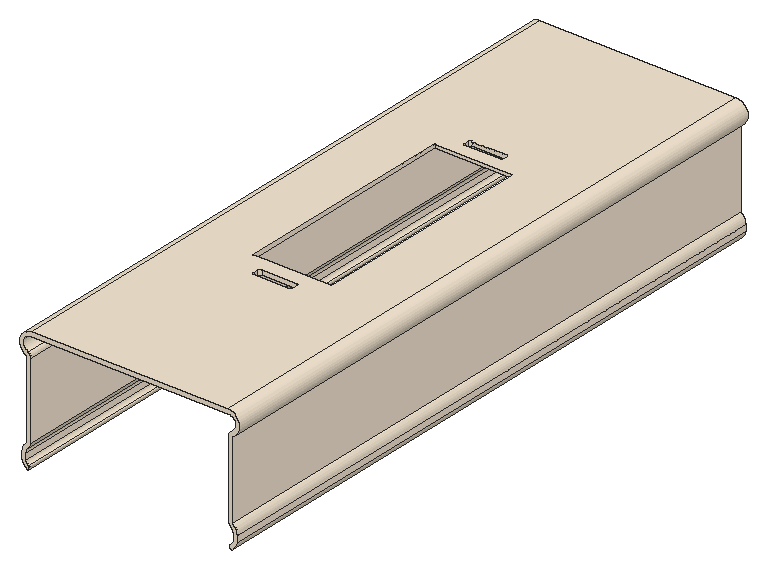
Revit family "Specialty_Equipment-Metal_Raceway-Hubbell_Wiring-Wall_Box_Connector-HBL3014C", category Specialty Equipment, host Face, Revit 2015
Parameters
  URL = "http://www.hubbell-wiring.com/"
  Product data url = "https://bimobject.com/hubbellwiring/product/hubbell-metal-raceway-hbl3000"
  Product Page URL = "http://ecatalog.hubbell-wiring.com/ProductInformation/ViewCatalog.aspx?Dest=hubbell-wiring.com/press/catalog/r.pdf"
  Product Documentation Link = "http://www.hubbell-wiring.com/press/pdfs/h5233r08.pdf"
  Model = "HBL3014CIV"
  Manufacturer = "Hubbell Wiring Device Kellems"  # constant formula
  Host Note = "Add in Section View; Host to Wall"  # constant formula
  Description = "Wall Box Connector"  # constant formula
  Default Elevation = 48.00"
  Cable Tray Material = Metal-Hubbell-Ivory
  B = 8.00"
  Assembly Code = "D5090900"
  A = 3.28"
Types (3): name | Model | Cable Tray Material
  (no name) | "HBL3014CIV" | Metal-Hubbell-Ivory
  HBL3014CIV | "HBL3014CIV" | Metal-Hubbell-Ivory
  HBL3014CGY | "HBL3014CGY" | Metal-Hubbell-Gray
Reference planes (in)
  plane 1 "Center (Front/Back)": y = 0
  plane 2: z = 0
  plane 3 "Center (Left/Right)": x = 0
  plane 4: y = 4
  plane 5: z = 1.47
  plane 6: x = -1.335
  plane 7: x = 1.335
  plane 8: y = -4
  plane 9: y = 1.64
  plane 10: y = -1.64
Forms (in)
  Extrusion 1, solid, material "Metal-Hubbell-Ivory" <- "Cable Tray Material"
    sketch origin (0, 0, 0) x (1, 0, 0) y (0, 0, 1)
      loop
        line (-1.24544, 0.25764) -> (-1.24544, 1.21991)
        arc (-1.24544, 1.21991) -> (-1.25543, 1.25594) -> (-1.28253, 1.28171) r 0.07004
        arc (-1.28253, 1.28171) -> (-1.3325, 1.39423) -> (-1.23546, 1.47) r 0.10003
        line (-1.23546, 1.47) -> (1.23547, 1.47)
        arc (1.23547, 1.47) -> (1.33252, 1.39423) -> (1.28254, 1.2817) r 0.10004
        arc (1.28254, 1.2817) -> (1.25545, 1.25594) -> (1.24547, 1.21991) r 0.07003
        line (1.24547, 1.21991) -> (1.24547, 0.25752)
        arc (1.24547, 0.25752) -> (1.25678, 0.22849) -> (1.27576, 0.20378) r 0.11013
        arc (1.27576, 0.20378) -> (1.29772, 0.17121) -> (1.30543, 0.13269) r 0.10001
        line (1.30543, 0.13269) -> (1.30543, 0.05321)
        arc (1.30543, 0.05321) -> (1.29684, 0.02218) -> (1.27351, 0) r 0.06031
        arc (1.27351, 0) -> (1.26322, -0.03382) -> (1.29705, -0.04411) r 0.025
        arc (1.29705, -0.04411) -> (1.33972, -0.00354) -> (1.35543, 0.05321) r 0.11031
        line (1.35543, 0.05321) -> (1.35543, 0.13269)
        arc (1.35543, 0.13269) -> (1.33961, 0.19975) -> (1.29547, 0.25267) r 0.15001
        line (1.29547, 0.25267) -> (1.29547, 1.23245)
        arc (1.29547, 1.23245) -> (1.38234, 1.40061) -> (1.23547, 1.52) r 0.15004
        line (1.23547, 1.52) -> (-1.23546, 1.52)
        arc (-1.23546, 1.52) -> (-1.38233, 1.40061) -> (-1.29544, 1.23246) r 0.15003
        line (-1.29544, 1.23246) -> (-1.29544, 0.25269)
        arc (-1.29544, 0.25269) -> (-1.3396, 0.19977) -> (-1.35543, 0.13269) r 0.15001
        line (-1.35543, 0.13269) -> (-1.35543, 0.05321)
        arc (-1.35543, 0.05321) -> (-1.33972, -0.00354) -> (-1.29705, -0.04411) r 0.11031
        arc (-1.29705, -0.04411) -> (-1.26322, -0.03382) -> (-1.27351, 0) r 0.025
        arc (-1.27351, 0) -> (-1.29684, 0.02218) -> (-1.30543, 0.05321) r 0.06031
        line (-1.30543, 0.05321) -> (-1.30543, 0.13269)
        arc (-1.30543, 0.13269) -> (-1.29772, 0.17121) -> (-1.27576, 0.20378) r 0.10001
        arc (-1.27576, 0.20378) -> (-1.25675, 0.22854) -> (-1.24544, 0.25764) r 0.11013
    from 4 to -4
  Extrusion 2, void, detail levels medium+fine
    sketch origin (0, 0, 0) x (1, 0, 0) y (0, 1, 0)
      loop
        line (-0.24519, -1.73947) -> (0.19481, -1.73947)
        arc (0.19481, -1.73947) -> (0.21602, -1.73069) -> (0.22481, -1.70947) r 0.03
        line (0.22481, -1.70947) -> (0.22481, -1.64947)
        arc (0.22481, -1.64947) -> (0.21602, -1.62826) -> (0.19481, -1.61947) r 0.03
        line (0.19481, -1.61947) -> (-0.24519, -1.61947)
        arc (-0.24519, -1.61947) -> (-0.2664, -1.62826) -> (-0.27519, -1.64947) r 0.03
        line (-0.27519, -1.64947) -> (-0.27519, -1.70947)
        arc (-0.27519, -1.70947) -> (-0.2664, -1.73069) -> (-0.24519, -1.73947) r 0.03
      loop
        line (0.49408, -1.43609) -> (0.49408, 1.43609) -> (-0.50592, 1.43609) -> (-0.50592, -1.43609) -> (0.49408, -1.43609)
      loop
        arc (0.19481, 1.58567) -> (0.21602, 1.59446) -> (0.22481, 1.61567) r 0.03
        line (0.22481, 1.61567) -> (0.22481, 1.66433)
        arc (0.22481, 1.66433) -> (0.21602, 1.68554) -> (0.19481, 1.69433) r 0.03
        line (0.19481, 1.69433) -> (-0.24519, 1.69433)
        arc (-0.24519, 1.69433) -> (-0.2664, 1.68554) -> (-0.27519, 1.66433) r 0.03
        line (-0.27519, 1.66433) -> (-0.27519, 1.61567)
        arc (-0.27519, 1.61567) -> (-0.2664, 1.59446) -> (-0.24519, 1.58567) r 0.03
        line (-0.24519, 1.58567) -> (0.19481, 1.58567)
    from 1.47 to 1.52
Cuts and joins
  Extrusion 2 cuts Extrusion 1
Lines and regions (in)
  symbolic lines, style "Symbolic lines"
    curve 1: line (-1.335, -4, 0) -> (1.335, -4, 0)
    curve 2: line (-1.335, 4, 0) -> (-1.335, -4, 0)
    curve 3: line (1.335, -4, 0) -> (1.335, 4, 0)
    curve 8: line (-1.335, 4, 0) -> (1.335, 4, 0)
    curve 77: line (-1.24544, 0, 0.25764) -> (-1.24544, 0, 1.21991)
    curve 78: arc (-1.24544, 0, 1.21991) -> (-1.25543, 0, 1.25594) -> (-1.28253, 0, 1.28171) r 0.07004
    curve 79: arc (-1.28253, 0, 1.28171) -> (-1.3325, 0, 1.39423) -> (-1.23546, 0, 1.47) r 0.10003
    curve 80: line (-1.23546, 0, 1.47) -> (1.23547, 0, 1.47)
    curve 81: arc (1.23547, 0, 1.47) -> (1.33252, 0, 1.39423) -> (1.28254, 0, 1.2817) r 0.10004
    curve 82: arc (1.28254, 0, 1.2817) -> (1.25545, 0, 1.25594) -> (1.24547, 0, 1.21991) r 0.07003
    curve 83: line (1.24547, 0, 1.21991) -> (1.24547, 0, 0.25752)
    curve 84: arc (1.24547, 0, 0.25752) -> (1.25678, 0, 0.22849) -> (1.27576, 0, 0.20378) r 0.11013
    curve 85: arc (1.27576, 0, 0.20378) -> (1.29772, 0, 0.17121) -> (1.30543, 0, 0.13269) r 0.10001
    curve 86: line (1.30543, 0, 0.13269) -> (1.30543, 0, 0.05321)
    curve 87: arc (1.30543, 0, 0.05321) -> (1.29684, 0, 0.02218) -> (1.27351, 0, 0) r 0.06031
    curve 88: arc (1.27351, 0, 0) -> (1.26322, 0, -0.03382) -> (1.29705, 0, -0.04411) r 0.025
    curve 89: arc (1.29705, 0, -0.04411) -> (1.33972, 0, -0.00354) -> (1.35543, 0, 0.05321) r 0.11031
    curve 90: line (1.35543, 0, 0.05321) -> (1.35543, 0, 0.13269)
    curve 91: arc (1.35543, 0, 0.13269) -> (1.33961, 0, 0.19975) -> (1.29547, 0, 0.25267) r 0.15001
    curve 92: line (1.29547, 0, 0.25267) -> (1.29547, 0, 1.23245)
    curve 93: arc (1.29547, 0, 1.23245) -> (1.38234, 0, 1.40061) -> (1.23547, 0, 1.52) r 0.15004
    curve 94: line (1.23547, 0, 1.52) -> (-1.23546, 0, 1.52)
    curve 95: arc (-1.23546, 0, 1.52) -> (-1.38233, 0, 1.40061) -> (-1.29544, 0, 1.23246) r 0.15003
    curve 96: line (-1.29544, 0, 1.23246) -> (-1.29544, 0, 0.25269)
    curve 97: arc (-1.29544, 0, 0.25269) -> (-1.3396, 0, 0.19977) -> (-1.35543, 0, 0.13269) r 0.15001
    curve 98: line (-1.35543, 0, 0.13269) -> (-1.35543, 0, 0.05321)
    curve 99: arc (-1.35543, 0, 0.05321) -> (-1.33972, 0, -0.00354) -> (-1.29705, 0, -0.04411) r 0.11031
    curve 100: arc (-1.29705, 0, -0.04411) -> (-1.26322, 0, -0.03382) -> (-1.27351, 0, 0) r 0.025
    curve 101: arc (-1.27351, 0, 0) -> (-1.29684, 0, 0.02218) -> (-1.30543, 0, 0.05321) r 0.06031
    curve 102: line (-1.30543, 0, 0.05321) -> (-1.30543, 0, 0.13269)
    curve 103: arc (-1.30543, 0, 0.13269) -> (-1.29772, 0, 0.17121) -> (-1.27576, 0, 0.20378) r 0.10001
    curve 104: arc (-1.27576, 0, 0.20378) -> (-1.25675, 0, 0.22854) -> (-1.24544, 0, 0.25764) r 0.11013
  symbolic lines
    curve 4: line (0, -4, 1.47) -> (0, 4, 1.47)
    curve 5: line (0, -4, 0) -> (0, -4, 1.47)
    curve 6: line (0, 4, 0) -> (0, -4, 0)
    curve 7: line (0, 4, 1.47) -> (0, 4, 0)
  reference lines
    curve 9: line (-0.50592, 1.43609, 0) -> (0.49408, 1.43609, 0)
    curve 10: line (-0.50592, -1.43609, 0) -> (-0.50592, 1.43609, 0)
    curve 11: line (0.49408, -1.43609, 0) -> (-0.50592, -1.43609, 0)
    curve 12: line (0.49408, 1.43609, 0) -> (0.49408, -1.43609, 0)
    curve 13: line (-0.24519, 1.69433, 0) -> (0.19481, 1.69433, 0)
    curve 14: line (-0.27519, 1.61567, 0) -> (-0.27519, 1.66433, 0)
    curve 15: line (0.19481, 1.58567, 0) -> (-0.24519, 1.58567, 0)
    curve 16: line (0.22481, 1.66433, 0) -> (0.22481, 1.61567, 0)
    curve 17: arc (-0.27519, 1.66433, 0) -> (-0.2664, 1.68554, 0) -> (-0.24519, 1.69433, 0) r 0.03
    curve 18: arc (-0.24519, 1.58567, 0) -> (-0.2664, 1.59446, 0) -> (-0.27519, 1.61567, 0) r 0.03
    curve 19: arc (0.22481, 1.61567, 0) -> (0.21602, 1.59446, 0) -> (0.19481, 1.58567, 0) r 0.03
    curve 20: arc (0.19481, 1.69433, 0) -> (0.21602, 1.68554, 0) -> (0.22481, 1.66433, 0) r 0.03
    curve 21: line (-0.24519, -1.69433, 0) -> (0.19481, -1.69433, 0)
    curve 22: line (-0.27519, -1.61567, 0) -> (-0.27519, -1.66433, 0)
    curve 23: line (0.19481, -1.58567, 0) -> (-0.24519, -1.58567, 0)
    curve 24: line (0.22481, -1.66433, 0) -> (0.22481, -1.61567, 0)
    curve 25: arc (-0.27519, -1.66433, 0) -> (-0.2664, -1.68554, 0) -> (-0.24519, -1.69433, 0) r 0.03
    curve 26: arc (-0.24519, -1.58567, 0) -> (-0.2664, -1.59446, 0) -> (-0.27519, -1.61567, 0) r 0.03
    curve 27: arc (0.22481, -1.61567, 0) -> (0.21602, -1.59446, 0) -> (0.19481, -1.58567, 0) r 0.03
    curve 28: arc (0.19481, -1.69433, 0) -> (0.21602, -1.68554, 0) -> (0.22481, -1.66433, 0) r 0.03
    curve 49: line (-1.24544, 0, 0.25764) -> (-1.24544, 0, 1.21991)
    curve 50: arc (-1.24544, 0, 1.21991) -> (-1.25543, 0, 1.25594) -> (-1.28253, 0, 1.28171) r 0.07004
    curve 51: arc (-1.28253, 0, 1.28171) -> (-1.3325, 0, 1.39423) -> (-1.23546, 0, 1.47) r 0.10003
    curve 52: line (-1.23546, 0, 1.47) -> (1.23547, 0, 1.47)
    curve 53: arc (1.23547, 0, 1.47) -> (1.33252, 0, 1.39423) -> (1.28254, 0, 1.2817) r 0.10004
    curve 54: arc (1.28254, 0, 1.2817) -> (1.25545, 0, 1.25594) -> (1.24547, 0, 1.21991) r 0.07003
    curve 55: line (1.24547, 0, 1.21991) -> (1.24547, 0, 0.25752)
    curve 56: arc (1.24547, 0, 0.25752) -> (1.25678, 0, 0.22849) -> (1.27576, 0, 0.20378) r 0.11013
    curve 57: arc (1.27576, 0, 0.20378) -> (1.29772, 0, 0.17121) -> (1.30543, 0, 0.13269) r 0.10001
    curve 58: line (1.30543, 0, 0.13269) -> (1.30543, 0, 0.05321)
    curve 59: arc (1.30543, 0, 0.05321) -> (1.29684, 0, 0.02218) -> (1.27351, 0, 0) r 0.06031
    curve 60: arc (1.27351, 0, 0) -> (1.26322, 0, -0.03382) -> (1.29705, 0, -0.04411) r 0.025
    curve 61: arc (1.29705, 0, -0.04411) -> (1.33972, 0, -0.00354) -> (1.35543, 0, 0.05321) r 0.11031
    curve 62: line (1.35543, 0, 0.05321) -> (1.35543, 0, 0.13269)
    curve 63: arc (1.35543, 0, 0.13269) -> (1.33961, 0, 0.19975) -> (1.29547, 0, 0.25267) r 0.15001
    curve 64: line (1.29547, 0, 0.25267) -> (1.29547, 0, 1.23245)
    curve 65: arc (1.29547, 0, 1.23245) -> (1.38234, 0, 1.40061) -> (1.23547, 0, 1.52) r 0.15004
    curve 66: line (1.23547, 0, 1.52) -> (-1.23546, 0, 1.52)
    curve 67: arc (-1.23546, 0, 1.52) -> (-1.38233, 0, 1.40061) -> (-1.29544, 0, 1.23246) r 0.15003
    curve 68: line (-1.29544, 0, 1.23246) -> (-1.29544, 0, 0.25269)
    curve 69: arc (-1.29544, 0, 0.25269) -> (-1.3396, 0, 0.19977) -> (-1.35543, 0, 0.13269) r 0.15001
    curve 70: line (-1.35543, 0, 0.13269) -> (-1.35543, 0, 0.05321)
    curve 71: arc (-1.35543, 0, 0.05321) -> (-1.33972, 0, -0.00354) -> (-1.29705, 0, -0.04411) r 0.11031
    curve 72: arc (-1.29705, 0, -0.04411) -> (-1.26322, 0, -0.03382) -> (-1.27351, 0, 0) r 0.025
    curve 73: arc (-1.27351, 0, 0) -> (-1.29684, 0, 0.02218) -> (-1.30543, 0, 0.05321) r 0.06031
    curve 74: line (-1.30543, 0, 0.05321) -> (-1.30543, 0, 0.13269)
    curve 75: arc (-1.30543, 0, 0.13269) -> (-1.29772, 0, 0.17121) -> (-1.27576, 0, 0.20378) r 0.10001
    curve 76: arc (-1.27576, 0, 0.20378) -> (-1.25675, 0, 0.22854) -> (-1.24544, 0, 0.25764) r 0.11013
  symbolic lines, style "Symbolic lines", detail levels medium+fine
    curve 29: line (-0.27519, -1.61567, 0) -> (-0.27519, -1.66433, 0)
    curve 30: arc (-0.24519, -1.58567, 0) -> (-0.2664, -1.59446, 0) -> (-0.27519, -1.61567, 0) r 0.03
    curve 31: line (0.19481, -1.58567, 0) -> (-0.24519, -1.58567, 0)
    curve 32: arc (0.22481, -1.61567, 0) -> (0.21602, -1.59446, 0) -> (0.19481, -1.58567, 0) r 0.03
    curve 33: arc (0.19481, -1.69433, 0) -> (0.21602, -1.68554, 0) -> (0.22481, -1.66433, 0) r 0.03
    curve 34: line (0.22481, -1.66433, 0) -> (0.22481, -1.61567, 0)
    curve 35: line (-0.24519, -1.69433, 0) -> (0.19481, -1.69433, 0)
    curve 36: arc (-0.27519, -1.66433, 0) -> (-0.2664, -1.68554, 0) -> (-0.24519, -1.69433, 0) r 0.03
    curve 37: line (0.49408, -1.43609, 0) -> (-0.50592, -1.43609, 0)
    curve 38: line (-0.50592, -1.43609, 0) -> (-0.50592, 1.43609, 0)
    curve 39: line (-0.50592, 1.43609, 0) -> (0.49408, 1.43609, 0)
    curve 40: line (0.49408, 1.43609, 0) -> (0.49408, -1.43609, 0)
    curve 41: line (-0.27519, 1.61567, 0) -> (-0.27519, 1.66433, 0)
    curve 42: arc (-0.27519, 1.66433, 0) -> (-0.2664, 1.68554, 0) -> (-0.24519, 1.69433, 0) r 0.03
    curve 43: line (-0.24519, 1.69433, 0) -> (0.19481, 1.69433, 0)
    curve 44: line (0.19481, 1.58567, 0) -> (-0.24519, 1.58567, 0)
    curve 45: arc (-0.24519, 1.58567, 0) -> (-0.2664, 1.59446, 0) -> (-0.27519, 1.61567, 0) r 0.03
    curve 46: line (0.22481, 1.66433, 0) -> (0.22481, 1.61567, 0)
    curve 47: arc (0.19481, 1.69433, 0) -> (0.21602, 1.68554, 0) -> (0.22481, 1.66433, 0) r 0.03
    curve 48: arc (0.22481, 1.61567, 0) -> (0.21602, 1.59446, 0) -> (0.19481, 1.58567, 0) r 0.03
Dimensions and locks (in)
  plane 5 to host face = 1.47"
  equal spacing: plane 6, plane 3 "Center (Left/Right)", plane 7
  locked: plane 6 to plane 7 at 2.67
  locked: plane 5 to plane 2 at 1.47
  equal spacing: plane 4, plane 1 "Center (Front/Back)", plane 8
  "B": plane 4 to plane 8
  equal spacing: curve 11, plane 1 "Center (Front/Back)", curve 9
  equal spacing: plane 9, plane 1 "Center (Front/Back)", plane 10
  "A": plane 9 to plane 10
  equal spacing: curve 15, plane 9, curve 13
  locked: curve 15 to curve 13 at 0.10866
  curve 23 to curve 21 = 0.10866"  (x2)
  locked: curve 23 to curve 21 at 0.10866
  equal spacing: curve 23, plane 10, curve 21
  aligned and locked: plane 2 to host face
  aligned and locked: level to host face
  aligned and locked: plane 4 to Extrusion 1
  aligned and locked: curve 8 to plane 4
  aligned and locked: Extrusion 1 to plane 8
  aligned and locked: plane 8 to curve 5
  aligned and locked: curve 1 to plane 8
  aligned and locked: Extrusion 2 sketch curve to curve 11
  aligned and locked: Extrusion 2 sketch curve to curve 10
  aligned and locked: Extrusion 2 sketch curve to curve 9
  aligned and locked: Extrusion 2 sketch curve to curve 12
  aligned and locked: Extrusion 2 sketch curve to curve 18
  aligned and locked: Extrusion 2 sketch curve to curve 17
  aligned and locked: Extrusion 2 sketch curve to curve 16
  aligned and locked: curve 30 to curve 26
  aligned and locked: curve 32 to curve 27
  aligned and locked: curve 33 to curve 28
  aligned and locked: curve 36 to curve 25
  aligned and locked: curve 37 to curve 11
  aligned and locked: curve 38 to curve 10
  aligned and locked: curve 39 to curve 9
  aligned and locked: curve 40 to curve 12
  aligned and locked: curve 42 to curve 17
  aligned and locked: curve 45 to curve 18
  aligned and locked: curve 47 to curve 20
  aligned and locked: curve 48 to curve 19
  aligned and locked: curve 4 to plane 5
  aligned and locked: plane 2 to curve 6
  aligned and locked: curve 7 to plane 4
  aligned and locked: Extrusion 1 sketch curve to curve 49
  aligned and locked: Extrusion 1 sketch curve to curve 50
  aligned and locked: Extrusion 1 sketch curve to curve 51
  aligned and locked: Extrusion 1 sketch curve to curve 53
  aligned and locked: Extrusion 1 sketch curve to curve 54
  aligned and locked: Extrusion 1 sketch curve to curve 56
  aligned and locked: Extrusion 1 sketch curve to curve 57
  aligned and locked: Extrusion 1 sketch curve to curve 59
  aligned and locked: Extrusion 1 sketch curve to curve 60
  aligned and locked: Extrusion 1 sketch curve to curve 61
  aligned and locked: Extrusion 1 sketch curve to curve 63
  aligned and locked: Extrusion 1 sketch curve to curve 64
  aligned and locked: Extrusion 1 sketch curve to curve 65
  aligned and locked: Extrusion 1 sketch curve to curve 67
  aligned and locked: Extrusion 1 sketch curve to curve 68
  aligned and locked: Extrusion 1 sketch curve to curve 69
  aligned and locked: Extrusion 1 sketch curve to curve 71
  aligned and locked: Extrusion 1 sketch curve to curve 72
  aligned and locked: Extrusion 1 sketch curve to curve 73
  aligned and locked: Extrusion 1 sketch curve to curve 75
  aligned and locked: Extrusion 1 sketch curve to curve 76
  aligned and locked: Extrusion 2 to plane 5
  aligned and locked: Extrusion 1 to Extrusion 2
  aligned and locked: curve 77 to cut or joined group of Extrusion 1, Extrusion 2
  aligned and locked: curve 78 to cut or joined group of Extrusion 1, Extrusion 2
  aligned and locked: curve 79 to cut or joined group of Extrusion 1, Extrusion 2
  aligned and locked: curve 81 to cut or joined group of Extrusion 1, Extrusion 2
  aligned and locked: curve 82 to cut or joined group of Extrusion 1, Extrusion 2
  aligned and locked: curve 84 to cut or joined group of Extrusion 1, Extrusion 2
  aligned and locked: curve 85 to cut or joined group of Extrusion 1, Extrusion 2
  aligned and locked: curve 87 to cut or joined group of Extrusion 1, Extrusion 2
  aligned and locked: curve 88 to cut or joined group of Extrusion 1, Extrusion 2
  aligned and locked: curve 89 to cut or joined group of Extrusion 1, Extrusion 2
  aligned and locked: curve 91 to cut or joined group of Extrusion 1, Extrusion 2
  aligned and locked: curve 92 to cut or joined group of Extrusion 1, Extrusion 2
  aligned and locked: curve 93 to cut or joined group of Extrusion 1, Extrusion 2
  aligned and locked: curve 95 to cut or joined group of Extrusion 1, Extrusion 2
  aligned and locked: curve 96 to cut or joined group of Extrusion 1, Extrusion 2
  aligned and locked: curve 97 to cut or joined group of Extrusion 1, Extrusion 2
  aligned and locked: curve 99 to cut or joined group of Extrusion 1, Extrusion 2
  aligned and locked: curve 100 to cut or joined group of Extrusion 1, Extrusion 2
  aligned and locked: curve 101 to cut or joined group of Extrusion 1, Extrusion 2
  aligned and locked: curve 103 to cut or joined group of Extrusion 1, Extrusion 2
  aligned and locked: curve 104 to cut or joined group of Extrusion 1, Extrusion 2
  aligned and locked: plane 7 to curve 3
  aligned and locked: plane 6 to curve 2
Automatic sketch dimensions
  host sketch curve to host sketch curve = 96.00"  (x2)
  curve 11 to plane 10 = 0.20391"
  curve 11 to plane 3 "Center (Left/Right)" = 0.50592"
  plane 9 to curve 17 = 0.02433"
  curve 17 to plane 3 "Center (Left/Right)" = 0.27519"
  plane 10 to curve 25 = 0.02433"
  curve 25 to plane 3 "Center (Left/Right)" = 0.27519"
  curve 14 to curve 15 = 0.03"
  curve 22 to curve 26 = 0.03"
  plane 3 "Center (Left/Right)" to curve 19 = 0.19481"
  plane 9 to curve 20 = 0.02433"
  curve 20 to curve 19 = 0.00"
  plane 3 "Center (Left/Right)" to curve 21 = 0.19481"
  curve 27 to plane 10 = 0.02433"
  curve 27 to curve 28 = 0.00"
  curve 24 to curve 11 = 0.26927"
  plane 10 to Extrusion 2 sketch curve = 0.00947"
  Extrusion 2 sketch curve to plane 3 "Center (Left/Right)" = 0.27519"
  Extrusion 2 sketch curve to plane 10 = 0.02053"
  Extrusion 2 sketch curve to Extrusion 2 sketch curve = 0.03"  (x3)
  plane 3 "Center (Left/Right)" to Extrusion 2 sketch curve = 0.19481"
  Extrusion 2 sketch curve to plane 9 = 0.02433"
  Extrusion 2 sketch curve to Extrusion 2 sketch curve = 0.00"
  Extrusion 2 sketch curve to Extrusion 2 sketch curve = 0.06"
  curve 51 to curve 67 = 0.00"  (x2)
  curve 53 to curve 65 = 0.00"  (x2)
  curve 57 to curve 63 = 0.00"  (x2)
  curve 59 to curve 61 = 0.00"  (x2)
  curve 69 to curve 75 = 0.00"  (x2)
  curve 71 to curve 73 = 0.00"  (x2)
  curve 52 to plane 5 = 0.00"
  plane 6 to curve 69 = 0.02043"
  plane 6 to curve 76 = 0.01771"
  curve 50 to plane 6 = 0.01952"
  curve 74 to plane 6 = 0.02957"
  curve 71 to plane 6 = 0.03795"
  curve 72 to curve 71 = 0.00"
  curve 50 to curve 68 = 0.02004"
  curve 72 to level = 0.02206"
  curve 71 to curve 72 = 0.01177"
  curve 67 to curve 51 = 0.01292"
  curve 50 to curve 51 = 0.00"
  curve 68 to curve 76 = 0.01968"
  curve 73 to curve 72 = 0.00"
  curve 68 to curve 49 = 0.05"
  curve 50 to curve 52 = 0.04707"
  curve 71 to curve 75 = 0.0397"
  curve 63 to plane 7 = 0.12958"
  curve 53 to plane 7 = 0.09953"
  curve 57 to curve 61 = 0.0397"
  curve 55 to plane 7 = 0.08953"
  level to curve 60 = 0.00"
  curve 59 to curve 60 = 0.02839"
  curve 59 to curve 60 = 0.00"
  curve 57 to plane 7 = 0.05924"
  curve 53 to plane 7 = 0.05246"
  curve 60 to level = 0.02206"
  curve 59 to curve 60 = 0.01177"
  curve 64 to plane 7 = 0.03953"
  curve 61 to curve 60 = 0.00"
  curve 54 to plane 7 = 0.0195"
  plane 7 to curve 56 = 0.01771"
  curve 59 to curve 57 = 0.07948"
  curve 70 to curve 69 = 0.07948"
  curve 63 to curve 55 = 0.00486"
  curve 69 to curve 49 = 0.00495"
  curve 55 to plane 5 = 0.25009"
  curve 54 to curve 65 = 0.01254"
  Extrusion 1 sketch curve to plane 7 = 0.05246"
  curve 79 to curve 95 = 0.00"  (x2)
  curve 81 to plane 7 = 0.05246"
  curve 81 to curve 93 = 0.00"  (x2)
  curve 82 to curve 93 = 0.01254"
